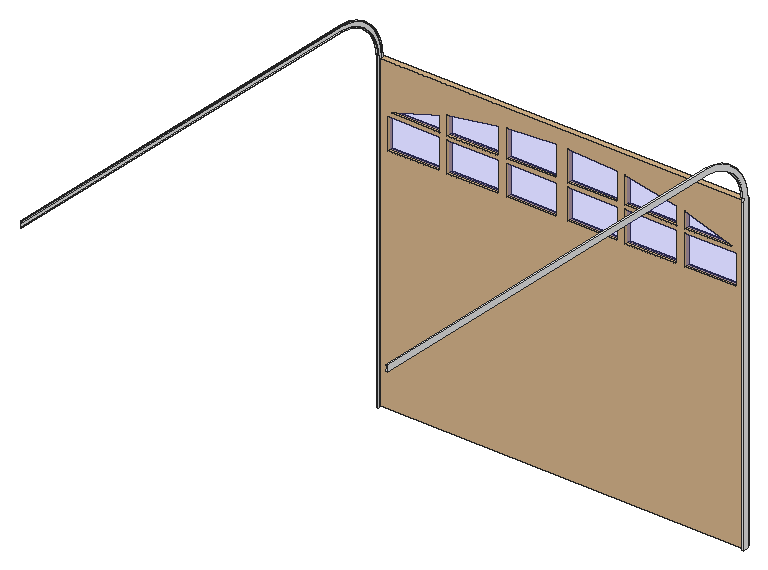
Revit family
Parameters (values of type "7Ft H x 8Ft W")
  Track Width = Width + 0' 2"  # 8' - 2"
  Track Height = Height + 1' 0"  # 8' - 0"
  Track Depth = 10' - 0"
  Track = Metal
  SmartBIM Object Version = 1  # constant formula
  SmartBIM Object Created By = "Reed Construction Data"  # constant formula
  Rough Width = 0' - 0"
  Rough Height = 0' - 0"
  Panel Thickness = 0' - 1 1/2"
  Manufacturer = ""
  Height = 7' - 0"
  Wall Closure = (empty or 0)
  Width = 8' - 0"
  Door Glass = Glass
  Door = Wood
  95 CSI = "08360"  # constant formula
  04 CSI = "08 36 13"  # constant formula
Types (3): name | Track Width | Width
  (no name) | 8' - 2" | 8' - 0"
  7Ft H x 8Ft W | 8' - 2" | 8' - 0"
  7Ft H x 16Ft W | 16' - 2" | 16' - 0"
Reference planes (in)
  plane 1 "Center (Front/Back)": y = 0
  plane 2 "Center (Left/Right)": x = 0
  plane 3 "Left": x = -48
  plane 4 "Right": x = 48
  plane 5 "Top": z = 84
  plane 6: x = -49
  plane 7: x = 49
  plane 8: y = -3.25
  plane 9: z = 81
  plane 10: y = -3.5
  plane 11: y = -3.5
  plane 12 "Ext": y = -4.25
  plane 13: y = -3.5
  plane 14 "Int": y = -2.75
  plane 15: z = 3
  plane 16: y = -3.5
  plane 17: z = 61.5
  plane 18: x = 32
  plane 19: x = 16
  plane 20: x = -32
  plane 21: x = -16
  plane 22: z = 80
  plane 23: x = 33
  plane 24: x = 47
  plane 25: z = 62.5
  plane 26: x = 31
  plane 27: x = 17
  plane 28: x = 15
  plane 29: x = 1
  plane 30: x = -1
  plane 31: x = -15
  plane 32: x = -17
  plane 33: x = -31
  plane 34: x = -33
  plane 35: x = -47
  plane 36: z = 57.5
  plane 37: z = 30.25
  plane 38: z = 31.75
  plane 39: z = 28.75
  plane 40: y = -2.9375
  plane 41: y = -4.0625
Forms (in)
  Extrusion 1, solid, material "Wood" <- "Door"
    sketch origin (0, 0, 0) x (1, 0, 0) y (0, 0, 1)
      loop
        line (-49, 84) -> (-49, 0) -> (49, 0) -> (49, 84) -> (-49, 84)
      loop
        line (47, 62.5) -> (47, 70.75) -> (33, 70.75) -> (33, 62.5) -> (47, 62.5)
      loop
        line (33, 76.11344) -> (33, 71.75) -> (47, 71.75)
        arc (47, 71.75) -> (40.06177, 74.1299) -> (33, 76.11344) r 129.5947
      loop
        line (31, 62.5) -> (31, 70.75) -> (17, 70.75) -> (17, 62.5) -> (31, 62.5)
      loop
        arc (31, 76.59776) -> (24.03392, 78.02586) -> (17, 79.06973) r 129.5947
        line (17, 79.06973) -> (17, 71.75) -> (31, 71.75) -> (31, 76.59776)
      loop
        line (15, 62.5) -> (15, 70.75) -> (1.5, 70.75) -> (1.5, 62.5) -> (15, 62.5)
      loop
        arc (15, 79.29493) -> (8.2592, 79.82361) -> (1.5, 80) r 129.5947
        line (1.5, 80) -> (1.5, 71.75) -> (15, 71.75) -> (15, 79.29493)
      loop
        line (-1.5, 62.5) -> (-1.5, 70.75) -> (-15, 70.75) -> (-15, 62.5) -> (-1.5, 62.5)
      loop
        line (-17, 62.5) -> (-17, 70.75) -> (-31, 70.75) -> (-31, 62.5) -> (-17, 62.5)
      loop
        arc (-17, 79.06973) -> (-24.03392, 78.02586) -> (-31, 76.59776) r 129.5947
        line (-31, 76.59776) -> (-31, 71.75) -> (-17, 71.75) -> (-17, 79.06973)
      loop
        line (-33, 62.5) -> (-33, 70.75) -> (-47, 70.75) -> (-47, 62.5) -> (-33, 62.5)
      loop
        arc (-33, 76.11344) -> (-40.06177, 74.1299) -> (-47, 71.75) r 129.5947
        line (-47, 71.75) -> (-33, 71.75) -> (-33, 76.11344)
      loop
        line (-15, 71.75) -> (-1.5, 71.75) -> (-1.5, 80)
        arc (-1.5, 80) -> (-8.2592, 79.82361) -> (-15, 79.29493) r 129.5947
        line (-15, 79.29493) -> (-15, 71.75)
    from 2.75 to 4.25
  Extrusion 2, solid, material "Glass" <- "Door Glass"
    sketch origin (0, -3.25, 0) x (1, 0, 0) y (0, 0, 1)
      loop
        line (33, 62.5) -> (47, 62.5) -> (47, 70.75) -> (33, 70.75) -> (33, 62.5)
      loop
        line (17, 62.5) -> (31, 62.5) -> (31, 70.75) -> (17, 70.75) -> (17, 62.5)
      loop
        line (1.5, 62.5) -> (15, 62.5) -> (15, 70.75) -> (1.5, 70.75) -> (1.5, 62.5)
      loop
        line (-15, 62.5) -> (-1.5, 62.5) -> (-1.5, 70.75) -> (-15, 70.75) -> (-15, 62.5)
      loop
        line (-31, 62.5) -> (-17, 62.5) -> (-17, 70.75) -> (-31, 70.75) -> (-31, 62.5)
      loop
        line (-47, 62.5) -> (-33, 62.5) -> (-33, 70.75) -> (-47, 70.75) -> (-47, 62.5)
      loop
        line (-33, 80) -> (-47, 80) -> (-47, 71.75) -> (-33, 71.75) -> (-33, 80)
      loop
        line (-17, 80) -> (-31, 80) -> (-31, 71.75) -> (-17, 71.75) -> (-17, 80)
      loop
        line (-1.5, 80) -> (-15, 80) -> (-15, 71.75) -> (-1.5, 71.75) -> (-1.5, 80)
      loop
        line (15, 80) -> (1.5, 80) -> (1.5, 71.75) -> (15, 71.75) -> (15, 80)
      loop
        line (31, 80) -> (17, 80) -> (17, 71.75) -> (31, 71.75) -> (31, 80)
      loop
        line (47, 71.75) -> (47, 80) -> (33, 80) -> (33, 71.75) -> (47, 71.75)
    from 0 to 0.5
  Extrusion 3, void
    sketch origin (0, -2.75, 0) x (1, 0, 0) y (0, 0, 1)
      loop
        line (47, 80) -> (33, 80) -> (33, 76.11344)
        arc (33, 76.11344) -> (40.06177, 74.1299) -> (47, 71.75) r 129.5947
        line (47, 71.75) -> (47, 80)
      loop
        line (31, 76.59776) -> (31, 80) -> (17, 80) -> (17, 79.06973)
        arc (17, 79.06973) -> (24.03392, 78.02586) -> (31, 76.59776) r 129.5947
      loop
        line (15, 79.29493) -> (15, 80) -> (1.5, 80)
        arc (1.5, 80) -> (8.2592, 79.82361) -> (15, 79.29493) r 129.5947
      loop
        arc (-15, 79.29493) -> (-8.2592, 79.82361) -> (-1.5, 80) r 129.5947
        line (-1.5, 80) -> (-15, 80) -> (-15, 79.29493)
      loop
        line (-17, 79.06973) -> (-17, 80) -> (-31, 80) -> (-31, 76.59776)
        arc (-31, 76.59776) -> (-24.03392, 78.02586) -> (-17, 79.06973) r 129.5947
      loop
        arc (-47, 71.75) -> (-40.06177, 74.1299) -> (-33, 76.11344) r 129.5947
        line (-33, 76.11344) -> (-33, 80) -> (-47, 80) -> (-47, 71.75)
    from 0.1875 to 1.3125
Cuts and joins
  Extrusion 3 cuts Extrusion 2
Lines and regions (in)
  Opening 1
    outline origin (-88, -2.75, 0) x (1, 0, 0) y (0, 0, 1)
      loop
        line (40, 0) -> (136, 0) -> (136, 84) -> (40, 84) -> (40, 0)
  model lines
    curve 1: line (1.5, -2.75, 28.75) -> (15, -2.75, 28.75)
    curve 2: line (15, -2.75, 3) -> (15, -2.75, 28.75)
    curve 3: line (1.5, -2.75, 3) -> (15, -2.75, 3)
    curve 4: line (1.5, -2.75, 3) -> (1.5, -2.75, 28.75)
    curve 5: line (47, -2.75, 28.75) -> (47, -2.75, 3)
    curve 6: line (33, -2.75, 3) -> (33, -2.75, 28.75)
    curve 7: line (31, -2.75, 3) -> (31, -2.75, 28.75)
    curve 8: line (17, -2.75, 3) -> (17, -2.75, 28.75)
    curve 9: line (17, -2.75, 28.75) -> (31, -2.75, 28.75)
    curve 10: line (33, -2.75, 28.75) -> (47, -2.75, 28.75)
    curve 11: line (33, -2.75, 3) -> (47, -2.75, 3)
    curve 12: line (17, -2.75, 3) -> (31, -2.75, 3)
    curve 13: line (-1.5, -2.75, 28.75) -> (-15, -2.75, 28.75)
    curve 14: line (-1.5, -2.75, 3) -> (-1.5, -2.75, 28.75)
    curve 15: line (-15, -2.75, 3) -> (-1.5, -2.75, 3)
    curve 16: line (-15, -2.75, 28.75) -> (-15, -2.75, 3)
    curve 17: line (-17, -2.75, 28.75) -> (-31, -2.75, 28.75)
    curve 18: line (-17, -2.75, 3) -> (-17, -2.75, 28.75)
    curve 19: line (-31, -2.75, 3) -> (-17, -2.75, 3)
    curve 20: line (-31, -2.75, 28.75) -> (-31, -2.75, 3)
    curve 21: line (-33, -2.75, 28.75) -> (-47, -2.75, 28.75)
    curve 22: line (-33, -2.75, 3) -> (-33, -2.75, 28.75)
    curve 23: line (-47, -2.75, 3) -> (-33, -2.75, 3)
    curve 24: line (-47, -2.75, 31.75) -> (-47, -2.75, 3)
    curve 25: line (-47, -2.75, 31.75) -> (-33, -2.75, 31.75)
    curve 26: line (-47, -2.75, 57.5) -> (-47, -2.75, 31.75)
    curve 27: line (-33, -2.75, 57.5) -> (-47, -2.75, 57.5)
    curve 28: line (-33, -2.75, 31.75) -> (-33, -2.75, 57.5)
    curve 29: line (-31, -2.75, 31.75) -> (-17, -2.75, 31.75)
    curve 30: line (-31, -2.75, 57.5) -> (-31, -2.75, 31.75)
    curve 31: line (-17, -2.75, 57.5) -> (-31, -2.75, 57.5)
    curve 32: line (-17, -2.75, 31.75) -> (-17, -2.75, 57.5)
    curve 33: line (-15, -2.75, 31.75) -> (-1.5, -2.75, 31.75)
    curve 34: line (-15, -2.75, 57.5) -> (-15, -2.75, 31.75)
    curve 35: line (-1.5, -2.75, 57.5) -> (-15, -2.75, 57.5)
    curve 36: line (-1.5, -2.75, 31.75) -> (-1.5, -2.75, 57.5)
    curve 37: line (1.5, -2.75, 31.75) -> (15, -2.75, 31.75)
    curve 38: line (1.5, -2.75, 57.5) -> (1.5, -2.75, 31.75)
    curve 39: line (15, -2.75, 57.5) -> (1.5, -2.75, 57.5)
    curve 40: line (15, -2.75, 31.75) -> (15, -2.75, 57.5)
    curve 41: line (17, -2.75, 31.75) -> (31, -2.75, 31.75)
    curve 42: line (17, -2.75, 57.5) -> (17, -2.75, 31.75)
    curve 43: line (31, -2.75, 57.5) -> (17, -2.75, 57.5)
    curve 44: line (31, -2.75, 31.75) -> (31, -2.75, 57.5)
    curve 45: line (33, -2.75, 31.75) -> (47, -2.75, 31.75)
    curve 46: line (33, -2.75, 57.5) -> (33, -2.75, 31.75)
    curve 47: line (47, -2.75, 57.5) -> (33, -2.75, 57.5)
    curve 48: line (47, -2.75, 31.75) -> (47, -2.75, 57.5)
    curve 49: line (-33, -4.25, 57.5) -> (-47, -4.25, 57.5)
    curve 50: line (-47, -4.25, 57.5) -> (-47, -4.25, 31.75)
    curve 51: line (-47, -4.25, 31.75) -> (-33, -4.25, 31.75)
    curve 52: line (-33, -4.25, 31.75) -> (-33, -4.25, 57.5)
    curve 53: line (-17, -4.25, 57.5) -> (-31, -4.25, 57.5)
    curve 54: line (-31, -4.25, 57.5) -> (-31, -4.25, 31.75)
    curve 55: line (-31, -4.25, 31.75) -> (-17, -4.25, 31.75)
    curve 56: line (-17, -4.25, 31.75) -> (-17, -4.25, 57.5)
    curve 57: line (-1.5, -4.25, 57.5) -> (-15, -4.25, 57.5)
    curve 58: line (-15, -4.25, 57.5) -> (-15, -4.25, 31.75)
    curve 59: line (-15, -4.25, 31.75) -> (-1.5, -4.25, 31.75)
    curve 60: line (-1.5, -4.25, 31.75) -> (-1.5, -4.25, 57.5)
    curve 61: line (15, -4.25, 57.5) -> (1.5, -4.25, 57.5)
    curve 62: line (1.5, -4.25, 57.5) -> (1.5, -4.25, 31.75)
    curve 63: line (1.5, -4.25, 31.75) -> (15, -4.25, 31.75)
    curve 64: line (15, -4.25, 31.75) -> (15, -4.25, 57.5)
    curve 65: line (31, -4.25, 57.5) -> (17, -4.25, 57.5)
    curve 66: line (17, -4.25, 57.5) -> (17, -4.25, 31.75)
    curve 67: line (17, -4.25, 31.75) -> (31, -4.25, 31.75)
    curve 68: line (31, -4.25, 31.75) -> (31, -4.25, 57.5)
    curve 69: line (47, -4.25, 57.5) -> (33, -4.25, 57.5)
    curve 70: line (33, -4.25, 57.5) -> (33, -4.25, 31.75)
    curve 71: line (33, -4.25, 31.75) -> (47, -4.25, 31.75)
    curve 72: line (47, -4.25, 31.75) -> (47, -4.25, 57.5)
    curve 73: line (33, -4.25, 28.75) -> (47, -4.25, 28.75)
    curve 74: line (47, -4.25, 28.75) -> (47, -4.25, 3)
    curve 75: line (47, -4.25, 3) -> (33, -4.25, 3)
    curve 76: line (33, -4.25, 3) -> (33, -4.25, 28.75)
    curve 77: line (17, -4.25, 28.75) -> (31, -4.25, 28.75)
    curve 78: line (31, -4.25, 28.75) -> (31, -4.25, 3)
    curve 79: line (31, -4.25, 3) -> (17, -4.25, 3)
    curve 80: line (17, -4.25, 3) -> (17, -4.25, 28.75)
    curve 81: line (1.5, -4.25, 28.75) -> (15, -4.25, 28.75)
    curve 82: line (15, -4.25, 28.75) -> (15, -4.25, 3)
    curve 83: line (15, -4.25, 3) -> (1.5, -4.25, 3)
    curve 84: line (1.5, -4.25, 3) -> (1.5, -4.25, 28.75)
    curve 85: line (-1.5, -4.25, 28.75) -> (-15, -4.25, 28.75)
    curve 86: line (-15, -4.25, 28.75) -> (-15, -4.25, 3)
    curve 87: line (-15, -4.25, 3) -> (-1.5, -4.25, 3)
    curve 88: line (-1.5, -4.25, 3) -> (-1.5, -4.25, 28.75)
    curve 89: line (-17, -4.25, 28.75) -> (-31, -4.25, 28.75)
    curve 90: line (-31, -4.25, 28.75) -> (-31, -4.25, 3)
    curve 91: line (-31, -4.25, 3) -> (-17, -4.25, 3)
    curve 92: line (-17, -4.25, 3) -> (-17, -4.25, 28.75)
    curve 93: line (-33, -4.25, 28.75) -> (-47, -4.25, 28.75)
    curve 94: line (-47, -4.25, 28.75) -> (-47, -4.25, 3)
    curve 95: line (-47, -4.25, 3) -> (-33, -4.25, 3)
    curve 96: line (-33, -4.25, 3) -> (-33, -4.25, 28.75)
Text (in)
  text "Exterior" at (-74.96733, 27.31104, 0), in view "Ref. Level"
  text "Interior" at (-76.69036, -30.31274, 0), in view "Ref. Level"
  text "Exterior" at (0, 40.15149, 123.01588), in view "Right"
  text "Interior" at (0, -64.39139, 123.01588), in view "Right"
  text "Interior" at (0, -31.01599, 123.00693), in view "Left"
  text "Exterior" at (0, 54.57065, 123.00693), in view "Left"
Dimensions and locks (in)
  equal spacing: plane 3 "Left", plane 2 "Center (Left/Right)", plane 4 "Right"
  "Width": plane 3 "Left" to plane 4 "Right"
  locked: plane 6 to plane 3 "Left" at 1
  locked: plane 4 "Right" to plane 7 at 1
  plane 9 to plane 5 "Top" = 0' - 3"
  host wall to plane 8 to plane 10 = 0' - 0 1/2", 0' - 0 1/4"
  equal spacing: plane 12 "Ext", plane 13, plane 14 "Int"
  "Panel Thickness": plane 14 "Int" to plane 12 "Ext"
  plane 5 "Top" to plane 9 = 0' - 3"
  equal spacing: plane 7, plane 2 "Center (Left/Right)", plane 6
  locked: plane 15 to level at 3
  "Height": plane 5 "Top" to level
  locked: plane 17 to plane 9 at 19.5
  equal spacing: plane 2 "Center (Left/Right)", plane 19, plane 18, plane 4 "Right"
  equal spacing: plane 2 "Center (Left/Right)", plane 21, plane 20, plane 3 "Left"
  locked: plane 24 to plane 4 "Right" at 1
  locked: plane 23 to plane 18 at 1
  locked: plane 18 to plane 26 at 1
  locked: plane 27 to plane 19 at 1
  locked: plane 19 to plane 28 at 1
  locked: plane 29 to plane 2 "Center (Left/Right)" at 1
  locked: plane 2 "Center (Left/Right)" to plane 30 at 1
  locked: plane 21 to plane 31 at 1
  locked: plane 32 to plane 21 at 1
  locked: plane 20 to plane 33 at 1
  locked: plane 34 to plane 20 at 1
  locked: plane 3 "Left" to plane 35 at 1
  locked: plane 22 to plane 9 at 1
  locked: plane 17 to plane 25 at 1
  locked: Extrusion 2 to Extrusion 2 at 0.5
  locked: Extrusion 2 to plane 14 "Int" at 0.5
  locked: plane 36 to plane 17 at 4
  level to plane 15 = 0' - 3"
  equal spacing: plane 15, plane 37, plane 36
  plane 30 to Extrusion 1 sketch curve = 0' - 0 1/2"
  locked: plane 30 to Extrusion 1 sketch curve at 0.5  (x2)
  locked: Extrusion 1 sketch curve to plane 29 at 0.5  (x2)
  locked: plane 37 to plane 38 at 1.5
  locked: plane 39 to plane 37 at 1.5
  locked: plane 22 to Extrusion 1 sketch curve at 0  (x2)
  locked: plane 40 to plane 13 at 0.5625
  locked: plane 13 to plane 41 at 0.5625
  aligned and locked: plane 3 "Left" to Opening 1 sketch curve
  aligned and locked: plane 5 "Top" to Opening 1 sketch curve  (x2)
  aligned and locked: Opening 1 sketch curve to plane 4 "Right"
  aligned and locked: Opening 1 sketch curve to level
  aligned and locked: Extrusion 1 sketch curve to plane 6
  aligned and locked: Extrusion 1 sketch curve to plane 7
  aligned and locked: Extrusion 1 sketch curve to level
  aligned and locked: Extrusion 1 sketch curve to host wall
  aligned and locked: plane 10 to plane 11
  aligned and locked: host wall to plane 14 "Int"
  aligned and locked: plane 11 to plane 13
  aligned and locked: plane 12 "Ext" to Extrusion 1
  aligned and locked: Extrusion 1 to host wall
  aligned and locked: plane 16 to plane 13
  aligned and locked: plane 25 to Extrusion 1 sketch curve  (x6)
  aligned and locked: Extrusion 1 sketch curve to plane 23
  aligned and locked: plane 26 to Extrusion 1 sketch curve
  aligned and locked: plane 27 to Extrusion 1 sketch curve
  aligned and locked: plane 28 to Extrusion 1 sketch curve
  aligned and locked: plane 31 to Extrusion 1 sketch curve
  aligned and locked: plane 32 to Extrusion 1 sketch curve
  aligned and locked: plane 33 to Extrusion 1 sketch curve
  aligned and locked: plane 34 to Extrusion 1 sketch curve
  aligned and locked: Extrusion 1 sketch curve to plane 35
  aligned and locked: Extrusion 2 sketch curve to Extrusion 1  (x40)
  aligned and locked: plane 28 to curve 2
  aligned and locked: plane 24 to curve 5
  aligned and locked: plane 23 to curve 6
  aligned and locked: plane 26 to curve 7
  aligned and locked: plane 27 to curve 8
  aligned and locked: plane 39 to curve 13
  aligned and locked: plane 15 to curve 16
  aligned and locked: curve 16 to plane 31
  aligned and locked: plane 32 to curve 17
  aligned and locked: plane 39 to curve 17
  aligned and locked: curve 20 to plane 33
  aligned and locked: plane 39 to curve 21  (x2)
  aligned and locked: plane 35 to curve 25
  aligned and locked: plane 36 to curve 28
  aligned and locked: plane 36 to curve 40
  aligned and locked: plane 28 to curve 40
  aligned and locked: plane 27 to curve 41
  aligned and locked: plane 36 to curve 44
  aligned and locked: plane 23 to curve 45
  aligned and locked: curve 49 to curve 27
  aligned and locked: curve 50 to curve 26
  aligned and locked: curve 52 to curve 28
  aligned and locked: curve 53 to curve 31
  aligned and locked: curve 54 to curve 30
  aligned and locked: curve 56 to curve 32
  aligned and locked: curve 35 to curve 57
  aligned and locked: curve 58 to curve 34
  aligned and locked: curve 61 to curve 39
  aligned and locked: curve 37 to curve 63
  aligned and locked: curve 64 to curve 40
  aligned and locked: curve 65 to curve 43
  aligned and locked: curve 66 to curve 42
  aligned and locked: curve 67 to curve 41
  aligned and locked: curve 68 to curve 44
  aligned and locked: curve 69 to curve 47
  aligned and locked: curve 70 to curve 46
  aligned and locked: curve 71 to curve 45
  aligned and locked: curve 72 to curve 48
  aligned and locked: curve 75 to curve 11
  aligned and locked: curve 76 to curve 6
  aligned and locked: curve 79 to curve 12
  aligned and locked: curve 80 to curve 8
  aligned and locked: curve 83 to curve 3
  aligned and locked: curve 86 to curve 16
  aligned and locked: curve 87 to curve 15
  aligned and locked: curve 90 to curve 20
  aligned and locked: curve 91 to curve 19
  aligned and locked: curve 92 to curve 18
  aligned and locked: curve 24 to curve 94
  aligned and locked: curve 95 to curve 23
  aligned and locked: curve 96 to curve 22
  aligned and locked: plane 38 to curve 51
  aligned and locked: plane 38 to curve 55
  aligned and locked: curve 55 to curve 59
  aligned and locked: plane 39 to curve 93
  aligned and locked: plane 39 to curve 89
  aligned and locked: plane 39 to curve 85
  aligned and locked: curve 81 to plane 39
  aligned and locked: curve 77 to plane 39
  aligned and locked: curve 73 to plane 39
  aligned and locked: plane 38 to curve 48
  aligned and locked: plane 38 to curve 46
  aligned and locked: plane 38 to curve 44
  aligned and locked: plane 38 to curve 42
  aligned and locked: plane 38 to curve 40
  aligned and locked: plane 38 to curve 38
  aligned and locked: plane 38 to curve 33
  aligned and locked: plane 38 to curve 34
  aligned and locked: plane 38 to curve 32
  aligned and locked: plane 38 to curve 30
  aligned and locked: plane 38 to curve 28
  aligned and locked: plane 38 to curve 26
  aligned and locked: plane 39 to curve 20
  aligned and locked: plane 39 to curve 16
  aligned and locked: plane 39 to curve 1
  aligned and locked: plane 39 to curve 2
  aligned and locked: plane 39 to curve 9  (x2)
  aligned and locked: plane 39 to curve 10  (x2)
  aligned and locked: curve 60 to Extrusion 1
  aligned and locked: curve 88 to curve 60
  aligned and locked: Extrusion 2 to curve 62
  aligned and locked: curve 84 to curve 62
  aligned and locked: Extrusion 1 to curve 38
  aligned and locked: curve 4 to Extrusion 1
  aligned and locked: curve 36 to Extrusion 1
  aligned and locked: curve 14 to Extrusion 1
  aligned and locked: nested 1 to plane 2 "Center (Left/Right)"
  aligned and locked: nested 1 to plane 12 "Ext"
  aligned and locked: plane 22 to Extrusion 2 sketch curve
  aligned and locked: plane 35 to Extrusion 2 sketch curve
  aligned and locked: plane 24 to Extrusion 2 sketch curve
  aligned and locked: plane 24 to Extrusion 3 sketch curve
  aligned and locked: Extrusion 3 sketch curve to Extrusion 1  (x6)
  aligned and locked: plane 23 to Extrusion 3 sketch curve
  aligned and locked: plane 26 to Extrusion 3 sketch curve
  aligned and locked: plane 27 to Extrusion 3 sketch curve
  aligned and locked: plane 28 to Extrusion 3 sketch curve
  aligned and locked: plane 31 to Extrusion 3 sketch curve
  aligned and locked: plane 32 to Extrusion 3 sketch curve
  aligned and locked: plane 33 to Extrusion 3 sketch curve
  aligned and locked: plane 34 to Extrusion 3 sketch curve
  aligned and locked: plane 35 to Extrusion 3 sketch curve
  aligned and locked: Extrusion 3 to plane 40
  aligned and locked: plane 41 to Extrusion 3
  aligned and locked: Extrusion 1 to plane 5 "Top"
Automatic sketch dimensions
  curve 23 to plane 15 = 0' - 0"
  curve 19 to plane 15 = 0' - 0"
  curve 12 to plane 15 = 0' - 0"
  curve 2 to plane 15 = 0' - 0"
  curve 5 to plane 15 = 0' - 0"
  curve 36 to plane 36 = 0' - 0"
  curve 32 to plane 36 = 0' - 0"
  curve 46 to plane 36 = 0' - 0"
  curve 45 to plane 24 = 0' - 0"
  curve 43 to plane 26 = 0' - 0"
  curve 32 to plane 32 = 0' - 0"
  curve 33 to plane 31 = 0' - 0"
  curve 28 to plane 34 = 0' - 0"
  curve 31 to plane 33 = 0' - 0"
  curve 23 to plane 34 = 0' - 0"
  curve 83 to plane 28 = 0' - 0"
  curve 79 to plane 26 = 0' - 0"
  curve 74 to plane 24 = 0' - 0"
  Extrusion 1 sketch curve to plane 34 = 0' - 0"
  Extrusion 1 sketch curve to plane 31 = 0' - 0"
  Extrusion 1 sketch curve to plane 28 = 0' - 0"
  Extrusion 1 sketch curve to plane 26 = 0' - 0"
  Extrusion 1 sketch curve to plane 23 = 0' - 0"
  Extrusion 1 sketch curve to plane 24 = 0' - 0"  (x2)
  Extrusion 1 sketch curve to Extrusion 1 sketch curve = 0' - 0"  (x12)
  plane 25 to Extrusion 1 sketch curve = 0' - 8 1/4"
  Extrusion 1 sketch curve to Extrusion 1 sketch curve = 0' - 1"  (x6)
  Extrusion 1 sketch curve to plane 22 = 0' - 3.88656"
  Extrusion 1 sketch curve to plane 22 = 0' - 3.40224"
  Extrusion 1 sketch curve to plane 22 = 0' - 0.70507"
  Extrusion 1 sketch curve to plane 33 = 0' - 0"
  Extrusion 1 sketch curve to plane 22 = 0' - 0.93027"
  Extrusion 1 sketch curve to plane 32 = 0' - 0"
  Extrusion 1 sketch curve to plane 35 = 0' - 0"
  Extrusion 1 sketch curve to plane 27 = 0' - 0"
  Extrusion 1 sketch curve to Extrusion 1 sketch curve = 0' - 0.48432"
  Extrusion 2 sketch curve to Extrusion 2 sketch curve = 0' - 0"
  Extrusion 2 sketch curve to plane 22 = 0' - 0"  (x4)
  Extrusion 3 sketch curve to Extrusion 3 sketch curve = 0' - 0"
  Extrusion 3 sketch curve to plane 22 = 0' - 0"  (x3)
Nested families (in)
  nested 1: "Door Track" at (-0.5, -65, 0), Width <- "Track Width", Height <- "Track Height", Depth <- "Track Depth", type "Door Track"
    with Width 8' - 2", Height 8' - 0", Depth 10' - 0"
Definition of nested family "Door Track"
  Parameters
    Width [instance] = 10' - 0"
    Track = Metal
    Height [instance] = 11' - 0"
    Depth [instance] = 10' - 0"
  Reference planes (in)
    plane 1 "Center (Front/Back)": y = 0
    plane 2: z = 0
    plane 3 "Center (Left/Right)": x = 0.5
    plane 4 "Back": y = 60
    plane 5 "Front": y = -60
    plane 6 "Left": x = -59.5
    plane 7 "Right": x = 60.5
    plane 8 "Top": z = 132
    plane 9 "Center (Up/Down)": z = 66
    plane 10: y = 60.75
    plane 11: y = 61.5
  Forms (in)
    Sweep 1, solid, material "Metal" <- "Track"
      path origin (60.5, 60, 48) x (0, 1, 0) y (0, 0, 1)
        loop
          line (0, -48) -> (0, 72)
          arc (0, 72) -> (-3.51472, 80.48528) -> (-12, 84) r 12
          line (-12, 84) -> (-120, 84)
      profile origin (60.5, -6, 132) x (0, 0, -1) y (1, 0, 0)
        loop
          line (-1.5, 0) -> (-1.375, 0) -> (-1.375, 0.375) -> (-0.125, 0.375) -> (-0.125, 0) -> (0, 0) -> (0, 0.5) -> (-1.5, 0.5) -> (-1.5, 0)
    Sweep 2, solid, material "Metal" <- "Track"
      path origin (-59.5, 60, 48) x (0, 1, 0) y (0, 0, 1)
        loop
          line (0, -48) -> (0, 72)
          arc (0, 72) -> (-3.51472, 80.48528) -> (-12, 84) r 12
          line (-12, 84) -> (-120, 84)
      profile origin (-59.5, -6, 132) x (0, 0, -1) y (1, 0, 0)
        loop
          line (-1.5, 0) -> (-1.5, -0.5) -> (0, -0.5) -> (0, 0) -> (-0.125, 0) -> (-0.125, -0.375) -> (-1.375, -0.375) -> (-1.375, 0) -> (-1.5, 0)
  Dimensions and locks (in)
    equal spacing: plane 6 "Left", plane 3 "Center (Left/Right)", plane 7 "Right"
    "Width": plane 6 "Left" to plane 7 "Right"
    equal spacing: plane 4 "Back", plane 1 "Center (Front/Back)", plane 5 "Front"
    "Depth": plane 4 "Back" to plane 5 "Front"
    "Height": plane 8 "Top" to plane 2
    equal spacing: plane 8 "Top", plane 9 "Center (Up/Down)", level
    locked: Sweep 2 sketch curve to Sweep 2 sketch curve at 0.125  (x3)
    locked: Sweep 2 sketch curve to Sweep 2 sketch curve at 0.5  (x2)
    locked: Sweep 2 sketch curve to Sweep 2 sketch curve at 1.5
    locked: Sweep 1 sketch curve to Sweep 1 sketch curve at 0.5  (x2)
    locked: Sweep 1 sketch curve to Sweep 1 sketch curve at 0.125  (x3)
    locked: Sweep 1 sketch curve to Sweep 1 sketch curve at 1.5
    equal spacing: plane 4 "Back", plane 10, plane 11
    locked: plane 10 to plane 11 at 0.75
    radius of Sweep 1 sketch curve = 1' - 0"
    radius of Sweep 2 sketch curve = 1' - 0"
    aligned and locked: plane 8 "Top" to Sweep 1 sketch curve  (x2)
    aligned and locked: plane 5 "Front" to Sweep 1 sketch curve
    aligned and locked: plane 4 "Back" to Sweep 1 sketch curve
    aligned and locked: plane 4 "Back" to Sweep 2 sketch curve
    aligned and locked: plane 5 "Front" to Sweep 2 sketch curve
    aligned and locked: level to Sweep 2 sketch curve
    aligned and locked: Sweep 2 sketch curve to profile plane  (x2)
    aligned and locked: Sweep 1 sketch curve to profile plane
    aligned and locked: plane 11 to Sweep 1
  Automatic sketch dimensions
    Sweep 1 sketch curve to level = 0' - 0"
    Sweep 2 sketch curve to plane 8 "Top" = 0' - 0"
